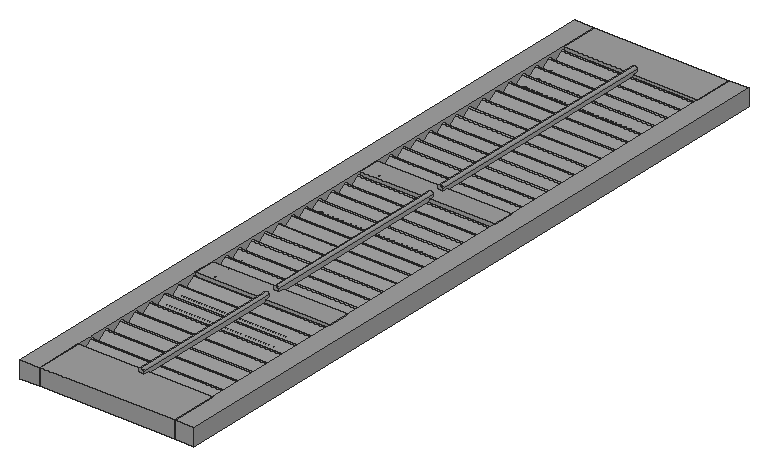
Revit family "Deep South Louver 3 Panel", category Generic Models, Revit 2017
Family settings
  Can host rebar = No
  Round Connector Dimension = Use Diameter
  Part Type = Normal
  Work Plane-Based = Yes
  Always vertical = No
  Cut with Voids When Loaded = No
  Shared = No
  Room Calculation Point = No
Parameters
  URL = "www.newhorizonshutters.com"
  Type Comments = "**** All shutter dimensions and configurations to be approved by NHSI ****"
  Top Rail = 0' - 4"
  Tilt Rod 3 = yes
  Tilt Rod 2 = yes
  Tilt Rod 1 = yes
  Shutter Width = 1' - 6"
  Shutter Thickness = 0' - 1 3/4"
  Shutter Height = 6' - 0"
  Model = "Louver Deep South"
  Mid Rail 2 Height = 3' - 6 169/256"
  Mid Rail 2 = 0' - 2 1/4"
  Mid Rail 1 = 0' - 2 1/4"
  Mid Rail 1 Height = 1' - 9 21/64"
  Manufacturer = "New Horizon Shutters"
  Louver Section 3 = Shutter Height - Mid Rail 2 Height - Top Rail - (Mid Rail 2 * 0.5) - 0' 1 7/8"  # 1' - 10 87/256"
  Louver Section 2 = Mid Rail 2 Height - Mid Rail 1 Height - (Mid Rail 1 * 0.5) - (Mid Rail 2 * 0.5) - 0' 1 7/8"  # 1' - 5 53/256"
  Louver Section 1 = Mid Rail 1 Height - Bottom Rail - (Mid Rail 1 * 0.5) - 0' 1 7/8"  # 1' - 1 21/64"
  Louver Length = Shutter Width - 0' 4"  # 1' - 2"
  Finish Color = Default
  Default Elevation = 4' - 0"
  Bottom Rail = 0' - 5"
Reference planes (in)
  plane 1 "Center (Front/Back)": y = 0
  plane 2: z = 0
  plane 3 "Center (Left/Right)": x = 0
  plane 4: x = 9
  plane 5: x = -9
  plane 6: y = 23
  plane 7: y = -49
  plane 8: y = 19
  plane 9: y = -44
  plane 10: z = 1.75
  plane 11: z = 0.875
  plane 12: x = -7
  plane 13: y = -43.0625
  plane 14: z = 0.24426
  plane 15: z = 1.50574
  plane 16: y = -28.79688
  plane 17: y = -26.54688
  plane 18: y = -27.67188
  plane 19: y = -44.5
  plane 20: y = -28.29688
  plane 21: y = -27.04688
  plane 22: y = -6.96484
  plane 23: x = 0
  plane 24: y = -25.60938
  plane 25: y = -5.21484
  plane 26: y = -6.33984
  plane 27: y = -7.46484
  plane 28: y = -5.71484
  plane 29: y = -4.27734
  plane 30: y = 19.5
Forms (in)
  Extrusion 1, solid, material "Default" <- "Finish Color"
    sketch origin (0, 0, 0) x (1, 0, 0) y (0, 1, 0)
      loop
        line (-9, -49) -> (-7, -49) -> (-7, 23) -> (-9, 23) -> (-9, -49)
    from 0 to 1.75
  Extrusion 2, solid, material "Default" <- "Finish Color"
    sketch origin (0, 0, 0) x (-1, 0, 0) y (0, -1, 0)
      loop
        line (-9, 49) -> (-9, -23) -> (-7, -23) -> (-7, 49) -> (-9, 49)
    from 0 to 1.75
  Extrusion 3, solid, material "Default" <- "Finish Color"
    sketch origin (0, 0, 0) x (1, 0, 0) y (0, 1, 0)
      loop
        line (-7, 23) -> (-7, 19) -> (7, 19) -> (7, 23) -> (-7, 23)
      loop
        line (-7, -44) -> (-7, -49) -> (7, -49) -> (7, -44) -> (-7, -44)
    from 0 to 1.75
  Extrusion 4, solid, material "Default" <- "Finish Color"
    sketch origin (0, 0, 0) x (1, 0, 0) y (0, 1, 0)
      loop
        line (-7, -28.79688) -> (7, -28.79688) -> (7, -26.54688) -> (-7, -26.54688) -> (-7, -28.79688)
    from 0 to 1.75
  Extrusion 5, solid, material "Default" <- "Finish Color", visible <- "Tilt Rod 1"
    sketch origin (-1.06786, 0, -1.06796) x (1, 0, 0) y (0, 0, 1)
      loop
        arc (1.30926, 2.9876) -> (1.23855, 3.1583) -> (1.06786, 3.229) r 0.2414
        arc (1.06786, 3.229) -> (0.88784, 3.16362) -> (0.81194, 2.98778) r 0.24164
        line (0.81194, 2.98778) -> (0.81194, 2.60269) -> (1.30926, 2.60269) -> (1.30926, 2.9876)
    from 28.29688 to 44.5
  Extrusion 6, solid, material "Default" <- "Finish Color", visible <- "Tilt Rod 2"
    sketch origin (-6.08756, 0, -2.10055) x (1, 0, 0) y (0, 0, 1)
      loop
        arc (6.32896, 4.02104) -> (6.25826, 4.19174) -> (6.08756, 4.26244) r 0.2414
        arc (6.08756, 4.26244) -> (5.90754, 4.19706) -> (5.83164, 4.02122) r 0.24164
        line (5.83164, 4.02122) -> (5.83164, 3.63613) -> (6.32896, 3.63613) -> (6.32896, 4.02104)
    from 6.96484 to 27.04688
  Extrusion 7, solid, material "Default" <- "Finish Color"
    sketch origin (0, 0, 0) x (1, 0, 0) y (0, 1, 0)
      loop
        line (7, -5.21484) -> (-7, -5.21484) -> (-7, -7.46484) -> (7, -7.46484) -> (7, -5.21484)
    from 0 to 1.75
  Extrusion 8, solid, material "Default" <- "Finish Color", visible <- "Tilt Rod 3"
    sketch origin (-1.82967, 0, -0.55804) x (1, 0, 0) y (0, 0, 1)
      loop
        arc (2.07107, 2.47768) -> (2.00037, 2.64837) -> (1.82967, 2.71908) r 0.2414
        arc (1.82967, 2.71908) -> (1.64965, 2.6537) -> (1.57375, 2.47786) r 0.24164
        line (1.57375, 2.47786) -> (1.57375, 2.09277) -> (2.07107, 2.09277) -> (2.07107, 2.47768)
    from -19.5 to 5.71484
Lines and regions (in)
  reference lines
    curve 1: line (7, 0, 1.53559) -> (-7, 0, 1.53559)
    curve 2: line (0, 0, 2.16189) -> (0, 0, 1.53559)
Dimensions and locks (in)
  equal spacing: plane 5, plane 3 "Center (Left/Right)", plane 4
  "Shutter Width": plane 5 to plane 4
  "Shutter Height": plane 6 to plane 7
  "Top Rail": plane 6 to plane 8
  "Bottom Rail": plane 9 to plane 7
  equal spacing: plane 10, plane 11, level
  "Shutter Thickness": plane 10 to level
  locked: plane 5 to plane 12 at 2
  locked: Extrusion 2 to Extrusion 2 at 2
  locked: plane 13 to plane 9 at 0.9375
  equal spacing: plane 14, plane 11, plane 15
  equal spacing: plane 17, plane 18, plane 16
  "Mid Rail 1 Height": plane 18 to plane 7
  "Mid Rail 1": plane 17 to plane 16
  locked: plane 21 to plane 17 at 0.5
  locked: plane 20 to plane 16 at 0.5
  plane 9 to plane 19 = 0' - 0 1/2"
  locked: plane 24 to plane 17 at 0.9375
  equal spacing: plane 25, plane 26, plane 27
  "Mid Rail 2 Height": plane 26 to plane 7
  "Mid Rail 2": plane 25 to plane 27
  locked: plane 22 to plane 27 at 0.5
  locked: plane 25 to plane 28 at 0.5
  locked: plane 29 to plane 25 at 0.9375
  locked: plane 30 to plane 8 at 0.5
  aligned and locked: plane 2 to level
  aligned and locked: Extrusion 1 sketch curve to plane 7
  aligned and locked: Extrusion 1 sketch curve to plane 5
  aligned and locked: plane 6 to Extrusion 1 sketch curve
  aligned and locked: Extrusion 1 sketch curve to plane 12
  aligned and locked: Extrusion 1 to level
  aligned and locked: plane 10 to Extrusion 1
  aligned and locked: Extrusion 2 to plane 4
  aligned and locked: plane 6 to Extrusion 2
  aligned and locked: Extrusion 2 to plane 7
  aligned and locked: Extrusion 2 to level
  aligned and locked: plane 10 to Extrusion 2
  aligned and locked: Extrusion 3 sketch curve to Extrusion 1  (x2)
  aligned and locked: Extrusion 1 to Extrusion 3 sketch curve
  aligned and locked: plane 8 to Extrusion 3 sketch curve
  aligned and locked: Extrusion 3 sketch curve to Extrusion 2  (x2)
  aligned and locked: Extrusion 3 sketch curve to plane 9
  aligned and locked: Extrusion 2 to Extrusion 3 sketch curve
  aligned and locked: plane 10 to Extrusion 3
  aligned and locked: Extrusion 3 to level
  aligned and locked: plane 14 to nested 1
  aligned and locked: nested 1 to plane 15
  aligned and locked: plane 3 "Center (Left/Right)" to nested 1
  aligned and locked: plane 13 to nested 1
  aligned and locked: Extrusion 4 sketch curve to plane 16
  aligned and locked: Extrusion 4 sketch curve to Extrusion 1
  aligned and locked: plane 17 to Extrusion 4 sketch curve
  aligned and locked: Extrusion 4 sketch curve to Extrusion 2
  aligned and locked: Extrusion 4 to level
  aligned and locked: plane 10 to Extrusion 4
  aligned and locked: nested 2 to plane 11
  aligned and locked: plane 3 "Center (Left/Right)" to nested 2
  aligned and locked: plane 23 to Extrusion 5
  aligned and locked: plane 23 to plane 3 "Center (Left/Right)"
  aligned and locked: plane 20 to Extrusion 5
  aligned and locked: Extrusion 5 to plane 19
  aligned and locked: plane 24 to nested 2
  aligned and locked: curve 2 to Extrusion 6
  aligned and locked: plane 3 "Center (Left/Right)" to curve 2
  aligned and locked: plane 21 to Extrusion 6
  aligned and locked: plane 22 to Extrusion 6
  aligned and locked: nested 3 to plane 11
  aligned and locked: nested 3 to plane 29
  aligned and locked: nested 3 to plane 23
  aligned and locked: plane 25 to Extrusion 7 sketch curve
  aligned and locked: Extrusion 7 sketch curve to Extrusion 2
  aligned and locked: Extrusion 7 sketch curve to plane 27
  aligned and locked: Extrusion 7 sketch curve to Extrusion 1
  aligned and locked: Extrusion 7 to level
  aligned and locked: plane 10 to Extrusion 7
  aligned and locked: plane 30 to Extrusion 8
  aligned and locked: Extrusion 8 to plane 28
Automatic sketch dimensions
  Extrusion 2 sketch curve to plane 4 = 0' - 0"
  Extrusion 2 sketch curve to plane 6 = 0' - 0"
  Extrusion 2 sketch curve to plane 7 = 0' - 0"
  plane 4 to Extrusion 2 sketch curve = 0' - 2"
  Extrusion 5 sketch curve to plane 3 "Center (Left/Right)" = 0' - 0.25592"
  Extrusion 5 sketch curve to plane 3 "Center (Left/Right)" = 0' - 0.01428"
  plane 3 "Center (Left/Right)" to Extrusion 5 sketch curve = 0' - 0"
  plane 3 "Center (Left/Right)" to Extrusion 5 sketch curve = 0' - 0.2414"
  level to Extrusion 5 sketch curve = 0' - 1.53473"
  level to Extrusion 5 sketch curve = 0' - 1.91964"
  Extrusion 6 sketch curve to plane 3 "Center (Left/Right)" = 0' - 0.25592"
  Extrusion 6 sketch curve to plane 3 "Center (Left/Right)" = 0' - 0.01428"
  plane 3 "Center (Left/Right)" to Extrusion 6 sketch curve = 0' - 0"
  plane 3 "Center (Left/Right)" to Extrusion 6 sketch curve = 0' - 0.2414"
  level to Extrusion 6 sketch curve = 0' - 1.53559"
  level to Extrusion 6 sketch curve = 0' - 1.9205"
  curve 1 to plane 12 = 0' - 0"
  plane 10 to curve 2 = 0' - 0.41189"
  curve 1 to plane 4 = 0' - 2"
  curve 2 to plane 15 = 0' - 0.02984"
  Extrusion 8 sketch curve to plane 3 "Center (Left/Right)" = 0' - 0.25592"
  Extrusion 8 sketch curve to plane 3 "Center (Left/Right)" = 0' - 0.01428"
  plane 3 "Center (Left/Right)" to Extrusion 8 sketch curve = 0' - 0"
  plane 3 "Center (Left/Right)" to Extrusion 8 sketch curve = 0' - 0.2414"
  level to Extrusion 8 sketch curve = 0' - 1.53473"
  level to Extrusion 8 sketch curve = 0' - 1.91964"
Nested families (in)
  nested 1: "Deep South Louver System" at (0, -36.39844, 0.875), Louver Length <- "Louver Length", type "Deep South Louver System"
    with Louver Length 1' - 2"
  nested 2: "Deep South Louver System 2" at (0, -17.00586, 0.875), Louver Length <- "Louver Length", type "Deep South Louver System 2"
    with Louver Length 1' - 2"
  nested 3: "Deep South Louver System 3" at (0, 6.89258, 0.875), Louver Length <- "Louver Length", type "Deep South Louver System 3"
    with Louver Length 1' - 2"
Definition of nested family "Deep South Louver System"
  Parameters (values of type "Deep South Louver System")
    Number Of Louvers = Louver Span / Louver Spacing  # 8
    Louver Span = 1' - 1 21/64"
    Louver Spacing = 0' - 1 5/8"
    Louver Length [instance] = 2' - 0"
    Finish Color = none
  Reference planes (in)
    plane 1 "Center (Front/Back)": y = 0
    plane 2: z = 0
    plane 3 "Center (Left/Right)": x = 0
    plane 4: x = 12
    plane 5: x = -12
    plane 6: y = 6.66406
    plane 7: y = -6.66406
  Dimensions and locks (in)
    equal spacing: plane 5, plane 3 "Center (Left/Right)", plane 4
    equal spacing: plane 6, plane 1 "Center (Front/Back)", plane 7
    "Louver Length": plane 5 to plane 4
    "Louver Span": plane 6 to plane 7
    equal spacing: group 1, group 3, group 4, group 5, group 6, group 7, group 8, group 2  (x2)
    equal spacing: group 2, group 8, group 7, group 6, group 5, group 4, group 3, group 1
    aligned and locked: plane 2 to level
    aligned and locked: nested 1 to level
    aligned and locked: plane 5 to nested 1
    aligned and locked: plane 4 to nested 1
    aligned and locked: nested 2 to level
    aligned and locked: nested 3 to level
    aligned and locked: nested 4 to level
    aligned and locked: nested 5 to level
    aligned and locked: nested 1 to plane 6
    aligned and locked: nested 2 to plane 7
  Nested families (in)
    nested 1: "2 Louver" at (0, 6.66406, 0), type "2 Louver"
    nested 2: "2 Louver" at (0, -6.66406, 0), type "2 Louver"
    nested 3: "2 Louver" at (0, 4.76004, 0), type "2 Louver"
    nested 4: "2 Louver" at (0, 2.85603, 0), type "2 Louver"
    nested 5: "2 Louver" at (0, 0.95201, 0), type "2 Louver"
    nested 6: "2 Louver" at (0, -0.95201, 0), type "2 Louver"
    nested 7: "2 Louver" at (0, -2.85603, 0), type "2 Louver"
    nested 8: "2 Louver" at (0, -4.76004, 0), type "2 Louver"
  Definition of nested family "2 Louver"
    Parameters (values of type "2 Louver")
      Louver Length = 2' - 0"
      Finish Color = none
    Reference planes (in)
      plane 1 "Center (Front/Back)": y = 0
      plane 2: z = 0
      plane 3 "Center (Left/Right)": x = 0
      plane 4: x = 12
      plane 5: x = -12
    Forms (in)
      Extrusion 1, solid, material <- "Finish Color"
        sketch origin (0, 0, 0) x (0, 1, 0) y (0, 0, 1)
          loop
            arc (-0.786, -0.37793) -> (-0.82057, -0.59618) -> (-0.60232, -0.63074) r 0.15625
            line (-0.60232, -0.63074) -> (0.786, 0.37793)
            arc (0.786, 0.37793) -> (0.82057, 0.59618) -> (0.60232, 0.63074) r 0.15625
            line (0.60232, 0.63074) -> (-0.786, -0.37793)
        from -12 to 12
    Lines and regions (in)
      reference lines
        curve 1: line (0, -0.26583, 0) -> (0, 0.26583, 0)
        curve 2: line (0, 0.26583, 0) -> (0, -0.26583, 0)
    Dimensions and locks (in)
      equal spacing: plane 5, plane 3 "Center (Left/Right)", plane 4
      "Louver Length": plane 5 to plane 4
      aligned and locked: plane 2 to level
      aligned and locked: plane 4 to Extrusion 1
      aligned and locked: Extrusion 1 to plane 5
    Automatic sketch dimensions
      Extrusion 1 sketch curve to level = 0' - 0.37793"
      plane 1 "Center (Front/Back)" to Extrusion 1 sketch curve = 0' - 0.786"
      Extrusion 1 sketch curve to Extrusion 1 sketch curve = 0' - 0.09184"  (x4)
      Extrusion 1 sketch curve to plane 1 "Center (Front/Back)" = 0' - 0.60232"
      level to Extrusion 1 sketch curve = 0' - 0.37793"
      Extrusion 1 sketch curve to Extrusion 1 sketch curve = 0' - 0.12641"  (x2)
      curve 1 to level = 0' - 0"
      plane 1 "Center (Front/Back)" to curve 2 = 0' - 0.26583"
      curve 2 to plane 1 "Center (Front/Back)" = 0' - 0.26583"
Definition of nested family "Deep South Louver System 2"
  Parameters (values of type "Deep South Louver System 2")
    Number Of Louvers = Louver Span / Louver Spacing  # 11
    Louver Span = 1' - 5 53/256"
    Louver Spacing = 0' - 1 5/8"
    Louver Length [instance] = 2' - 0"
    Finish Color = none
  Reference planes (in)
    plane 1 "Center (Front/Back)": y = 0
    plane 2: z = 0
    plane 3 "Center (Left/Right)": x = 0
    plane 4: x = 12
    plane 5: x = -12
    plane 6: y = 8.60352
    plane 7: y = -8.60352
  Lines and regions (in)
    reference lines
      curve 1: line (0, -8.86934, 0) -> (0, 8.86934, 0)
  Dimensions and locks (in)
    equal spacing: plane 5, plane 3 "Center (Left/Right)", plane 4
    equal spacing: plane 6, plane 1 "Center (Front/Back)", plane 7
    "Louver Length": plane 5 to plane 4
    "Louver Span": plane 6 to plane 7
    equal spacing: group 1, group 3, group 4, group 5, group 6, group 7, group 8, group 9, group 10, group 11, group 2  (x2)
    equal spacing: group 2, group 11, group 10, group 9, group 8, group 7, group 6, group 5, group 4, group 3, group 1
    aligned and locked: plane 2 to level
    aligned and locked: nested 1 to level
    aligned and locked: plane 5 to nested 1
    aligned and locked: plane 4 to nested 1
    aligned and locked: nested 2 to level
    aligned and locked: nested 3 to level
    aligned and locked: nested 4 to level
    aligned and locked: nested 5 to level
    aligned and locked: nested 1 to plane 6
    aligned and locked: nested 2 to plane 7
  Automatic sketch dimensions
    curve 1 to level = 0' - 0"
    curve 1 to plane 7 = 0' - 0.26583"
    plane 6 to curve 1 = 0' - 0.26583"
  Nested families (in)
    nested 1: "2 Louver" at (0, 8.60352, 0), type "2 Louver"
    nested 2: "2 Louver" at (0, -8.60352, 0), type "2 Louver"
    nested 3: "2 Louver" at (0, 6.88281, 0), type "2 Louver"
    nested 4: "2 Louver" at (0, 5.16211, 0), type "2 Louver"
    nested 5: "2 Louver" at (0, 3.44141, 0), type "2 Louver"
    nested 6: "2 Louver" at (0, 1.7207, 0), type "2 Louver"
    nested 7: "2 Louver" at (0, 0, 0), type "2 Louver"
    nested 8: "2 Louver" at (0, -1.7207, 0), type "2 Louver"
    nested 9: "2 Louver" at (0, -3.44141, 0), type "2 Louver"
    nested 10: "2 Louver" at (0, -5.16211, 0), type "2 Louver"
    nested 11: "2 Louver" at (0, -6.88281, 0), type "2 Louver"
  Definition of nested family "2 Louver"
    Parameters (values of type "2 Louver")
      Louver Length = 2' - 0"
      Finish Color = none
    Reference planes (in)
      plane 1 "Center (Front/Back)": y = 0
      plane 2: z = 0
      plane 3 "Center (Left/Right)": x = 0
      plane 4: x = 12
      plane 5: x = -12
    Forms (in)
      Extrusion 1, solid, material <- "Finish Color"
        sketch origin (0, 0, 0) x (0, 1, 0) y (0, 0, 1)
          loop
            arc (-0.786, -0.37793) -> (-0.82057, -0.59618) -> (-0.60232, -0.63074) r 0.15625
            line (-0.60232, -0.63074) -> (0.786, 0.37793)
            arc (0.786, 0.37793) -> (0.82057, 0.59618) -> (0.60232, 0.63074) r 0.15625
            line (0.60232, 0.63074) -> (-0.786, -0.37793)
        from -12 to 12
    Lines and regions (in)
      reference lines
        curve 1: line (0, -0.26583, 0) -> (0, 0.26583, 0)
        curve 2: line (0, 0.26583, 0) -> (0, -0.26583, 0)
    Dimensions and locks (in)
      equal spacing: plane 5, plane 3 "Center (Left/Right)", plane 4
      "Louver Length": plane 5 to plane 4
      aligned and locked: plane 2 to level
      aligned and locked: plane 4 to Extrusion 1
      aligned and locked: Extrusion 1 to plane 5
    Automatic sketch dimensions
      Extrusion 1 sketch curve to level = 0' - 0.37793"
      plane 1 "Center (Front/Back)" to Extrusion 1 sketch curve = 0' - 0.786"
      Extrusion 1 sketch curve to Extrusion 1 sketch curve = 0' - 0.09184"  (x4)
      Extrusion 1 sketch curve to plane 1 "Center (Front/Back)" = 0' - 0.60232"
      level to Extrusion 1 sketch curve = 0' - 0.37793"
      Extrusion 1 sketch curve to Extrusion 1 sketch curve = 0' - 0.12641"  (x2)
      curve 1 to level = 0' - 0"
      plane 1 "Center (Front/Back)" to curve 2 = 0' - 0.26583"
      curve 2 to plane 1 "Center (Front/Back)" = 0' - 0.26583"
Definition of nested family "Deep South Louver System 3"
  Parameters (values of type "Deep South Louver System 3")
    Number Of Louvers = Louver Span / Louver Spacing  # 14
    Louver Span = 1' - 10 87/256"
    Louver Spacing = 0' - 1 5/8"
    Louver Length [instance] = 2' - 0"
    Finish Color = none
  Reference planes (in)
    plane 1 "Center (Front/Back)": y = 0
    plane 2: z = 0
    plane 3 "Center (Left/Right)": x = 0
    plane 4: x = 12
    plane 5: x = -12
    plane 6: y = 11.16992
    plane 7: y = -11.16992
  Lines and regions (in)
    reference lines
      curve 1: line (0, -11.43575, 0) -> (0, 11.43575, 0)
  Dimensions and locks (in)
    equal spacing: plane 5, plane 3 "Center (Left/Right)", plane 4
    equal spacing: plane 6, plane 1 "Center (Front/Back)", plane 7
    "Louver Length": plane 5 to plane 4
    "Louver Span": plane 6 to plane 7
    equal spacing: group 1, group 3, group 4, group 5, group 6, group 7, group 8, group 9, group 10, group 11, group 12, group 13, group 14, group 2  (x2)
    equal spacing: group 2, group 14, group 13, group 12, group 11, group 10, group 9, group 8, group 7, group 6, group 5, group 4, group 3, group 1
    aligned and locked: plane 2 to level
    aligned and locked: nested 1 to level
    aligned and locked: plane 5 to nested 1
    aligned and locked: plane 4 to nested 1
    aligned and locked: nested 2 to level
    aligned and locked: nested 3 to level
    aligned and locked: nested 4 to level
    aligned and locked: nested 5 to level
    aligned and locked: nested 1 to plane 6
    aligned and locked: nested 2 to plane 7
  Automatic sketch dimensions
    curve 1 to level = 0' - 0"
    curve 1 to plane 7 = 0' - 0.26583"
    plane 6 to curve 1 = 0' - 0.26583"
  Nested families (in)
    nested 1: "2 Louver" at (0, 11.16992, 0), type "2 Louver"
    nested 2: "2 Louver" at (0, -11.16992, 0), type "2 Louver"
    nested 3: "2 Louver" at (0, 9.45147, 0), type "2 Louver"
    nested 4: "2 Louver" at (0, 7.73302, 0), type "2 Louver"
    nested 5: "2 Louver" at (0, 6.01457, 0), type "2 Louver"
    nested 6: "2 Louver" at (0, 4.29612, 0), type "2 Louver"
    nested 7: "2 Louver" at (0, 2.57767, 0), type "2 Louver"
    nested 8: "2 Louver" at (0, 0.85922, 0), type "2 Louver"
    nested 9: "2 Louver" at (0, -0.85922, 0), type "2 Louver"
    nested 10: "2 Louver" at (0, -2.57767, 0), type "2 Louver"
    nested 11: "2 Louver" at (0, -4.29612, 0), type "2 Louver"
    nested 12: "2 Louver" at (0, -6.01457, 0), type "2 Louver"
    nested 13: "2 Louver" at (0, -7.73302, 0), type "2 Louver"
    nested 14: "2 Louver" at (0, -9.45147, 0), type "2 Louver"
  Definition of nested family "2 Louver"
    Parameters (values of type "2 Louver")
      Louver Length = 2' - 0"
      Finish Color = none
    Reference planes (in)
      plane 1 "Center (Front/Back)": y = 0
      plane 2: z = 0
      plane 3 "Center (Left/Right)": x = 0
      plane 4: x = 12
      plane 5: x = -12
    Forms (in)
      Extrusion 1, solid, material <- "Finish Color"
        sketch origin (0, 0, 0) x (0, 1, 0) y (0, 0, 1)
          loop
            arc (-0.786, -0.37793) -> (-0.82057, -0.59618) -> (-0.60232, -0.63074) r 0.15625
            line (-0.60232, -0.63074) -> (0.786, 0.37793)
            arc (0.786, 0.37793) -> (0.82057, 0.59618) -> (0.60232, 0.63074) r 0.15625
            line (0.60232, 0.63074) -> (-0.786, -0.37793)
        from -12 to 12
    Lines and regions (in)
      reference lines
        curve 1: line (0, -0.26583, 0) -> (0, 0.26583, 0)
        curve 2: line (0, 0.26583, 0) -> (0, -0.26583, 0)
    Dimensions and locks (in)
      equal spacing: plane 5, plane 3 "Center (Left/Right)", plane 4
      "Louver Length": plane 5 to plane 4
      aligned and locked: plane 2 to level
      aligned and locked: plane 4 to Extrusion 1
      aligned and locked: Extrusion 1 to plane 5
    Automatic sketch dimensions
      Extrusion 1 sketch curve to level = 0' - 0.37793"
      plane 1 "Center (Front/Back)" to Extrusion 1 sketch curve = 0' - 0.786"
      Extrusion 1 sketch curve to Extrusion 1 sketch curve = 0' - 0.09184"  (x4)
      Extrusion 1 sketch curve to plane 1 "Center (Front/Back)" = 0' - 0.60232"
      level to Extrusion 1 sketch curve = 0' - 0.37793"
      Extrusion 1 sketch curve to Extrusion 1 sketch curve = 0' - 0.12641"  (x2)
      curve 1 to level = 0' - 0"
      plane 1 "Center (Front/Back)" to curve 2 = 0' - 0.26583"
      curve 2 to plane 1 "Center (Front/Back)" = 0' - 0.26583"
